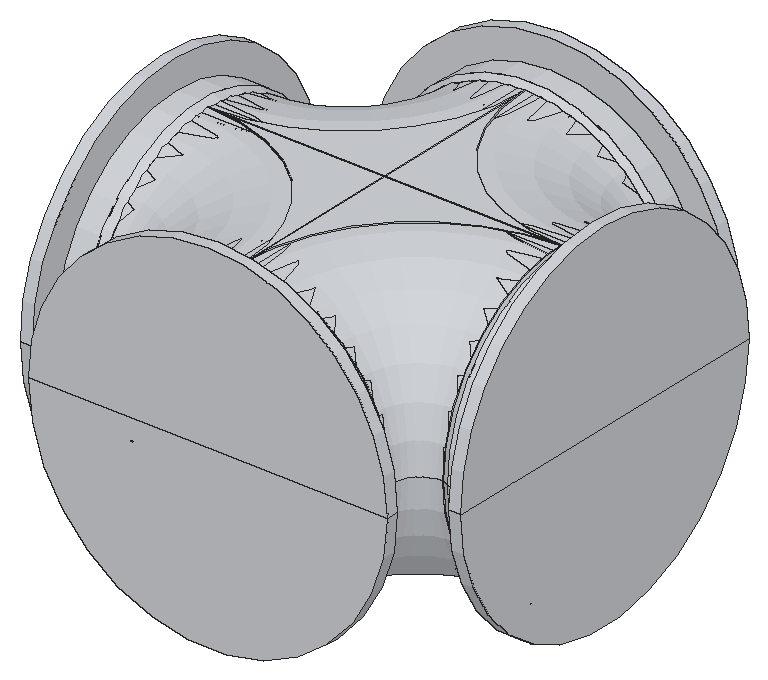
Revit family "07a1fef7782840b69d5e96956eb2b7d5", category Pipe Fittings, Revit 2021
Family settings
  Round Connector Dimension = Use Radius
  Part Type = Cross
  OmniClass Number = 23.60.30.11.14
  OmniClass Title = Pipework Fittings
  Seek Item ID = Tee - PVC - Sch 40-0000-USA-ENU
  Work Plane-Based = No
  Always vertical = Yes
  Cut with Voids When Loaded = No
  Shared = No
Parameters (values of type "Standard")
  Visibility 1 [instance] = and(Angle 1 = 90.00°, Angle 2 = 90.00°)  # yes
  Tick Size [instance] = Fitting Outside Diameter * 0.4  # 12.8000"
  Socket Outside Radius [instance] = Socket Outside Diameter / 2  # 16.4100"
  Socket Outside Diameter [instance] = size_lookup(Lookup Table Name, "SOD", 1.1700" + 1.0761 * Nominal Diameter, Nominal Diameter)  # 32.8200"
  Socket Depth [instance] = if(Nominal Diameter < 14.0000", 2.5000", if(Nominal Diameter < 30.0000", 3.5000", 4.0000"))  # 4.0000"
  Lookup Table Name = "Cross Compact - MJ - DI - Class 250"
  Length 1 [instance] = Socket Depth + Bevel Length  # 4.8200"
  Fitting Outside Radius [instance] = Fitting Outside Diameter / 2  # 16.0000"
  Fitting Outside Diameter [instance] = size_lookup(Lookup Table Name, "FOD", 0.6800" + 1.0453 * Nominal Diameter, Nominal Diameter)  # 32.0000"
  Nominal Radius [instance] = 15.0000"
  Nominal Diameter [instance] = Nominal Radius * 2  # 30.0000"
  Loss Method = Not Defined
  K Coefficient Table = (empty or 0)
  Default Elevation = 0.0000"
  Bevel Length [instance] = size_lookup(Lookup Table Name, "BvLgt", 0.4900" + 0.0308 * Nominal Diameter, Nominal Diameter)  # 0.8200"
  Center to Socket Bottom [instance] = size_lookup(Lookup Table Name, "CtSB", 3.2500" + 0.754 * Nominal Diameter, Nominal Diameter)  # 20.0000"
  Center to End Label [instance] = if((Center to End - Gland Width) * tan(Angle 5 / 2) > Gland Outside Radius, Center to End, Gland Outside Radius / tan(Angle 5 / 2) + Gland Width)  # 24.0000"
  Center to End [instance] = Center to Socket Bottom + Socket Depth  # 24.0000"
  Center Radius [instance] = Center to Socket Bottom - Bevel Length  # 19.1800"
  Gland Width [instance] = size_lookup(Lookup Table Name, "GWid", 0.8600" + 0.0318 * Nominal Diameter, Nominal Diameter)  # 1.3100"
  Gland Outside Radius [instance] = Gland Outside Diameter / 2  # 19.5600"
  Gland Outside Diameter [instance] = size_lookup(Lookup Table Name, "GOD", 4.3800" + 1.1302 * Nominal Diameter, Nominal Diameter)  # 39.1200"
  Angle 5 [instance] = if(tan(Angle 3 / 2) > tan(Angle 4 / 2), Angle 4, Angle 3)  # 90.00°
  Angle 4 [instance] = if(Angle 2 > 90.00°, 180.00° - Angle 2, Angle 2)  # 90.00°
  Angle 3 [instance] = if(Angle 1 > 90.00°, 180.00° - Angle 1, Angle 1)  # 90.00°
  Angle 2 [instance] = 90.00°
  Angle 1 [instance] = 90.00°
Reference planes (in)
  plane 1 "Center (Front/Back)": y = 0
  plane 2: z = 0
  plane 3 "Center (Left/Right)": x = 0
  plane 4: y = -20
  plane 5: y = 19.56
  plane 6: y = 16.41
  plane 7: y = 16
  plane 8: x = -24
  plane 9: x = -22.69
  plane 10: x = -19.18
  plane 11: x = -20
  plane 12: x = 24
  plane 13: x = 22.69
  plane 14: x = 19.18
  plane 15: x = 20
  plane 16: y = -19.18
  plane 17: y = -19.18
  plane 18: x = -19.18
  plane 19: x = 19.18
  plane 20: z = 16
  plane 21: z = -16
  plane 22: y = 12.8
  plane 23: y = -12.8
  plane 24: y = 20
  plane 25: y = 19.18
  plane 26: y = 19.18
Forms (in)
  Revolve 1, solid, detail levels fine
    sketch origin (0, 0, 0) x (1, 0, 0) y (0, 1, 0)
      loop
        line (-24, 0) -> (24, 0) -> (24, 19.56) -> (22.69, 19.56) -> (22.69, 16.41) -> (20, 16.41) -> (19.18, 16) -> (-19.18, 16) -> (-20, 16.41) -> (-22.69, 16.41) -> (-22.69, 19.56) -> (-24, 19.56) -> (-24, 0)
      axis (-24, 0) -> (24, 0)
    angle from 0 to 360
  Sweep 2, solid, visible <- "Visibility 1", detail levels fine
    path origin (0, 0, 0) x (1, 0, 0) y (0, 1, 0)
      loop
        arc (-19.18, 0) -> (-5.61769, -5.61769) -> (0, -19.18) r 19.18
    profile origin (0, -19.18, 0) x (1, 0, 0) y (0, 0, 1)
      loop
        circle (0, 0) r 16
  Sweep 3, solid, visible <- "Visibility 1", detail levels fine
    path origin (0, 0, 0) x (-1, 0, 0) y (0, 1, 0)
      loop
        arc (-19.18, 0) -> (-5.61769, -5.61769) -> (0, -19.18) r 19.18
    profile origin (0, -19.18, 0) x (1, 0, 0) y (0, 0, 1)
      loop
        circle (0, 0) r 16
  Extrusion 4, solid, visible <- "Visibility 1", detail levels fine
    sketch origin (0, 0, 0) x (1, 0, 0) y (0, 1, 0)
      loop
        arc (-19.18, 0) -> (-5.61769, -5.61769) -> (0, -19.18) r 19.18
        arc (0, -19.18) -> (5.61769, -5.61769) -> (19.18, 0) r 19.18
        line (19.18, 0) -> (-19.18, 0)
    from -16 to 16
  Revolve 5, solid, detail levels fine
    sketch origin (0, 0, 0) x (0, -1, 0) y (1, 0, 0)
      loop
        line (0, 0) -> (0, -16) -> (19.18, -16) -> (20, -16.41) -> (22.69, -16.41) -> (22.69, -19.56) -> (24, -19.56) -> (24, 0) -> (0, 0)
      axis (0, 0) -> (24, 0)
    angle from 0 to 360
  Sweep 6, solid, visible <- "Visibility 1", detail levels fine
    path origin (0, 0, 0) x (1, 0, 0) y (0, -1, 0)
      loop
        arc (-19.18, 0) -> (-5.61769, -5.61769) -> (0, -19.18) r 19.18
    profile origin (0, 19.18, 0) x (-1, 0, 0) y (0, 0, 1)
      loop
        circle (0, 0) r 16
  Sweep 7, solid, visible <- "Visibility 1", detail levels fine
    path origin (0, 0, 0) x (-1, 0, 0) y (0, -1, 0)
      loop
        arc (-19.18, 0) -> (-5.61769, -5.61769) -> (0, -19.18) r 19.18
    profile origin (0, 19.18, 0) x (-1, 0, 0) y (0, 0, 1)
      loop
        circle (0, 0) r 16
  Extrusion 8, solid, visible <- "Visibility 1", detail levels fine
    sketch origin (0, 0, 0) x (1, 0, 0) y (0, 1, 0)
      loop
        line (-19.18, 0) -> (19.18, 0)
        arc (19.18, 0) -> (5.61769, 5.61769) -> (0, 19.18) r 19.18
        arc (0, 19.18) -> (-5.61769, 5.61769) -> (-19.18, 0) r 19.18
    from -16 to 16
  Revolve 9, solid, detail levels fine
    sketch origin (0, 0, 0) x (0, 1, 0) y (-1, 0, 0)
      loop
        line (24, 0) -> (24, 19.56) -> (22.69, 19.56) -> (22.69, 16.41) -> (20, 16.41) -> (19.18, 16) -> (0, 16) -> (0, 0) -> (24, 0)
      axis (0, 0) -> (24, 0)
    angle from 0 to 360
Lines and regions (in)
  model lines, detail levels coarse+medium
    curve 1: line (-24, 12.8, 0) -> (-24, -12.8, 0)
    curve 2: line (24, 12.8, 0) -> (24, -12.8, 0)
    curve 5: line (-12.8, -24, 0) -> (12.8, -24, 0)
    curve 8: line (-12.8, 24, 0) -> (12.8, 24, 0)
  model lines, style "PipeFitting", detail levels coarse+medium
    curve 3: line (-24, 0, 0) -> (24, 0, 0)
    curve 6: line (0, 0, 0) -> (0, -24, 0)
    curve 9: line (0, 0, 0) -> (0, 24, 0)
  reference lines, not visible
    curve 4: line (0, 0, 0) -> (0, -24, 0)
    curve 7: line (0, 0, 0) -> (0, 24, 0)
Dimensions and locks (in)
  "Center to Socket Bottom": plane 4 to plane 1 "Center (Front/Back)"
  "Fitting Outside Radius": plane 7 to plane 1 "Center (Front/Back)"
  "Socket Outside Radius": plane 6 to plane 1 "Center (Front/Back)"
  "Gland Outside Radius": plane 5 to plane 1 "Center (Front/Back)"
  "Gland Width": plane 8 to plane 9
  "Socket Depth": plane 8 to plane 11
  "Bevel Length": plane 11 to plane 10
  "Gland Width": plane 12 to plane 13
  "Socket Depth": plane 12 to plane 15
  "Bevel Length": plane 14 to plane 15
  "Bevel Length": plane 16 to plane 4
  "Center Radius": plane 1 "Center (Front/Back)" to plane 17
  "Center Radius": plane 18 to plane 3 "Center (Left/Right)"
  "Center Radius": plane 3 "Center (Left/Right)" to plane 19
  "Fitting Outside Radius": plane 20 to plane 2
  "Fitting Outside Radius": plane 21 to level
  "Tick Size": plane 1 "Center (Front/Back)" to plane 23
  "Tick Size": plane 22 to plane 1 "Center (Front/Back)"
  "Center to End Label": plane 8 to plane 3 "Center (Left/Right)"
  "Center to End Label": plane 3 "Center (Left/Right)" to plane 12
  "Center to End Label": curve 4 to curve 4
  "Tick Size": curve 5 to curve 4
  "Tick Size": curve 4 to curve 5
  "Center to End Label": Revolve 5 sketch curve to Revolve 5 sketch curve
  "Gland Width": Revolve 5 sketch curve to Revolve 5 sketch curve
  "Socket Depth": Revolve 5 sketch curve to Revolve 5 sketch curve
  "Length 1": Revolve 5 sketch curve to Revolve 5 sketch curve
  "Fitting Outside Radius": Revolve 5 sketch curve to Revolve 5 sketch curve
  "Socket Outside Radius": Revolve 5 sketch curve to Revolve 5 sketch curve
  "Gland Outside Radius": Revolve 5 sketch curve to Revolve 5 sketch curve
  "Center to End Label": curve 6 to curve 6
  "Center to Socket Bottom": plane 24 to plane 1 "Center (Front/Back)"
  "Bevel Length": plane 25 to plane 24
  "Center Radius": plane 1 "Center (Front/Back)" to plane 26
  "Center to End Label": curve 7 to curve 7
  "Tick Size": curve 7 to curve 8
  "Tick Size": curve 8 to curve 7
  "Center to End Label": curve 9 to curve 9
  "Center to End Label": Revolve 9 sketch curve to Revolve 9 sketch curve
  "Gland Width": Revolve 9 sketch curve to Revolve 9 sketch curve
  "Socket Depth": Revolve 9 sketch curve to Revolve 9 sketch curve
  "Length 1": Revolve 9 sketch curve to Revolve 9 sketch curve
  "Fitting Outside Radius": Revolve 9 sketch curve to Revolve 9 sketch curve
  "Socket Outside Radius": Revolve 9 sketch curve to Revolve 9 sketch curve
  "Gland Outside Radius": Revolve 9 sketch curve to Revolve 9 sketch curve
  "Center Radius": radius of Sweep 2 sketch curve
  "Fitting Outside Radius": radius of Sweep 2 sketch curve
  "Center Radius": radius of Sweep 3 sketch curve
  "Fitting Outside Radius": radius of Sweep 3 sketch curve
  "Center Radius": radius of Extrusion 4 sketch curve  (x2)
  "Center Radius": radius of Sweep 6 sketch curve
  "Fitting Outside Radius": radius of Sweep 6 sketch curve
  "Center Radius": radius of Sweep 7 sketch curve
  "Fitting Outside Radius": radius of Sweep 7 sketch curve
  "Center Radius": radius of Extrusion 8 sketch curve  (x2)
  "Angle 1": angle curve 4 to plane 1 "Center (Front/Back)"
  locked: curve 4 to curve 5 (angle 90.00°)
  "Angle 1": angle Revolve 5 sketch curve to plane 1 "Center (Front/Back)"
  "Angle 1": angle curve 6 to plane 1 "Center (Front/Back)"
  "Angle 2": angle plane 1 "Center (Front/Back)" to curve 7
  locked: curve 7 to curve 8 (angle 90.00°)
  "Angle 2": angle plane 1 "Center (Front/Back)" to curve 9
  "Angle 2": angle plane 1 "Center (Front/Back)" to Revolve 9 sketch curve
  aligned and locked: plane 1 "Center (Front/Back)" to Revolve 1 sketch curve
  aligned and locked: plane 8 to Revolve 1 sketch curve
  aligned and locked: Revolve 1 sketch curve to plane 5
  aligned and locked: plane 5 to Revolve 1 sketch curve
  aligned and locked: Revolve 1 sketch curve to plane 7
  aligned and locked: Revolve 1 sketch curve to plane 6
  aligned and locked: plane 6 to Revolve 1 sketch curve
  aligned and locked: plane 13 to Revolve 1 sketch curve
  aligned and locked: Revolve 1 sketch curve to plane 12
  aligned and locked: Revolve 1 sketch curve to plane 9
  aligned and locked: Revolve 1 sketch curve to Revolve 1 sketch curve
  aligned and locked: plane 11 to Revolve 1 sketch curve
  aligned and locked: plane 10 to Revolve 1 sketch curve
  aligned and locked: Revolve 1 sketch curve to plane 14
  aligned and locked: Revolve 1 sketch curve to plane 15
  aligned and locked: plane 17 to Sweep 2 sketch curve
  aligned and locked: plane 18 to Sweep 2 sketch curve
  aligned and locked: plane 19 to Sweep 3 sketch curve
  aligned and locked: plane 17 to Sweep 3 sketch curve
  aligned and locked: plane 23 to curve 2
  aligned and locked: plane 22 to curve 2
  aligned and locked: curve 2 to plane 12
  aligned and locked: plane 23 to curve 1
  aligned and locked: plane 22 to curve 1
  aligned and locked: curve 1 to plane 8
  aligned and locked: plane 1 "Center (Front/Back)" to curve 3
  aligned and locked: plane 8 to curve 3
  aligned and locked: plane 12 to curve 3
  aligned and locked: plane 17 to Extrusion 4 sketch curve  (x2)
  aligned and locked: plane 18 to Extrusion 4 sketch curve
  aligned and locked: plane 19 to Extrusion 4 sketch curve
  aligned and locked: plane 21 to Extrusion 4
  aligned and locked: plane 20 to Extrusion 4
  aligned and locked: plane 3 "Center (Left/Right)" to curve 4
  aligned and locked: plane 1 "Center (Front/Back)" to curve 4
  aligned and locked: curve 5 to curve 4
  aligned and locked: plane 3 "Center (Left/Right)" to Revolve 5 sketch curve
  aligned and locked: plane 1 "Center (Front/Back)" to Revolve 5 sketch curve
  aligned and locked: Revolve 5 sketch curve to Revolve 5 sketch curve  (x3)
  aligned and locked: plane 3 "Center (Left/Right)" to curve 6
  aligned and locked: plane 1 "Center (Front/Back)" to curve 6
  aligned and locked: plane 18 to Sweep 6 sketch curve
  aligned and locked: plane 26 to Sweep 6 sketch curve
  aligned and locked: plane 19 to Sweep 7 sketch curve
  aligned and locked: plane 26 to Sweep 7 sketch curve
  aligned and locked: plane 18 to Extrusion 8 sketch curve
  aligned and locked: plane 26 to Extrusion 8 sketch curve  (x2)
  aligned and locked: plane 19 to Extrusion 8 sketch curve
  aligned and locked: plane 3 "Center (Left/Right)" to curve 7
  aligned and locked: plane 1 "Center (Front/Back)" to curve 7
  aligned and locked: plane 3 "Center (Left/Right)" to curve 9
  aligned and locked: plane 1 "Center (Front/Back)" to curve 9
  aligned and locked: plane 1 "Center (Front/Back)" to Revolve 9 sketch curve
  aligned and locked: plane 3 "Center (Left/Right)" to Revolve 9 sketch curve
  aligned and locked: Revolve 9 sketch curve to Revolve 9 sketch curve  (x3)
  aligned and locked: plane 21 to Extrusion 8
  aligned and locked: plane 20 to Extrusion 8
Automatic sketch dimensions
  Revolve 1 sketch curve to plane 8 = 1.01143"
  Revolve 1 sketch curve to plane 12 = 1.76143"
  Sweep 2 sketch curve to level = 0.0000"
  profile plane to Sweep 2 sketch curve = 0.0000"
  Sweep 3 sketch curve to level = 0.0000"
  profile plane to Sweep 3 sketch curve = 0.0000"
  Sweep 6 sketch curve to level = 0.0000"
  Sweep 6 sketch curve to profile plane = 0.0000"
  Sweep 7 sketch curve to level = 0.0000"
  Sweep 7 sketch curve to profile plane = 0.0000"
Connectors (in)
  piping at (-24, 0, 0), diameter 30, driven by "Nominal Radius"
    settings: on Revolve 1, index 1, connector inside diameter 30.0000", connector length 0.0000", flow factor 0, pipe flow 0 GPM, pressure drop 0.00 psi, fitting loss kfactor 0, connector angle 0.00°, fixture units 0, engagement length 0.0000", angle of deflection 0.00°, flow configuration 0, flow direction 0, fitting loss method 0, system type 28, joint type 0, gender type 0, connector reference index 2, connector utility 0, adjustable connector no, is connector primary yes, connector description ""
  piping at (24, 0, 0), diameter 30, driven by "Nominal Radius"
    settings: on Revolve 1, index 2, connector inside diameter 30.0000", connector length 0.0000", flow factor 0, pipe flow 0 GPM, pressure drop 0.00 psi, fitting loss kfactor 0, connector angle 0.00°, fixture units 0, engagement length 0.0000", angle of deflection 0.00°, flow configuration 0, flow direction 0, fitting loss method 0, system type 28, joint type 0, gender type 0, connector reference index 1, connector utility 0, adjustable connector no, is connector primary no, connector description ""
  piping at (0, -24, 0), diameter 30, driven by "Nominal Radius", driven by "Angle 1"
    settings: on Revolve 5, index 3, connector inside diameter 30.0000", connector length 0.0000", flow factor 0, pipe flow 0 GPM, pressure drop 0.00 psi, fitting loss kfactor 0, connector angle 90.00°, fixture units 0, engagement length 0.0000", angle of deflection 0.00°, flow configuration 0, flow direction 0, fitting loss method 0, system type 28, joint type 0, gender type 0, connector reference index 4, connector utility 0, adjustable connector no, is connector primary no, connector description ""
  piping at (0, 24, 0), diameter 30, driven by "Nominal Radius", driven by "Angle 2"
    settings: on Revolve 9, index 4, connector inside diameter 30.0000", connector length 0.0000", flow factor 0, pipe flow 0 GPM, pressure drop 0.00 psi, fitting loss kfactor 0, connector angle 90.00°, fixture units 0, engagement length 0.0000", angle of deflection 0.00°, flow configuration 0, flow direction 0, fitting loss method 0, system type 28, joint type 0, gender type 0, connector reference index 3, connector utility 0, adjustable connector no, is connector primary no, connector description ""
